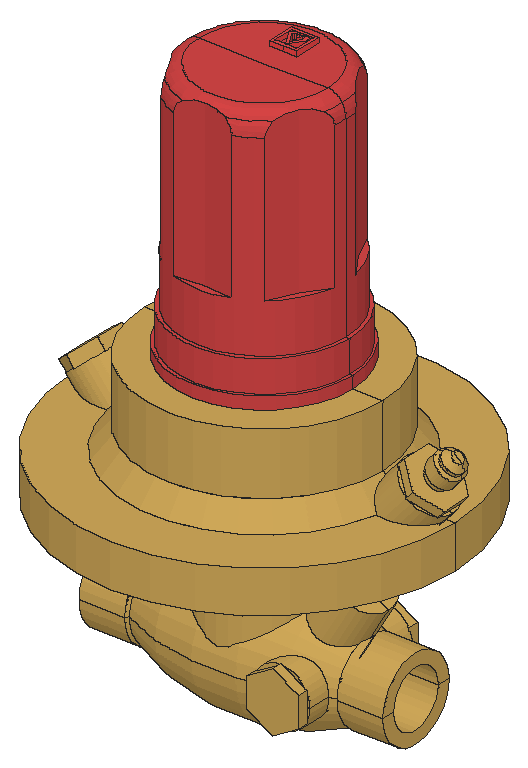
Revit family "Differenzdruckregler 4007_FIX_WE", category Rohrzubehör, Revit 2018
Family settings
  Bemaßung runder Anschluss = Durchmesser verwenden
  Teiletyp = Unterbricht
  OmniClass-Nummer = 23.65.55.14.24
  OmniClass-Titel = Mixing Valves for Liquid Services
  Arbeitsebenenbasiert = Nein
  Immer vertikal = Ja
  Beim Laden mit Abzugskörper schneiden = Nein
  Gemeinsam genutzt = Nein
Parameters
  t1 = 24.467 mm
  Min. Betriebstemperatur (reines Wasser) = 2 °C  # constant formula
  Min. Betriebstemperatur (Frostschutz, Messinggehäuse) = -20 °C  # constant formula
  Min. Betriebstemperatur (Frostschutz, Graugussgehäuse) = -10 °C  # constant formula
  Max. zulässige Betriebstemperatur = 95 °C  # constant formula
  Max. Differenzdruck am Gehäuse = 250000.0 Pa  # constant formula
  m4 [instance] = R03 - 11.00 mm  # 16.50 mm
  m3 = 4.00 mm
  m2 [instance] = R03 - 8.50 mm  # 19.00 mm
  m1 = 3.50 mm
  k9 = 17.65 mm
  k8 = 130.00°
  k7 = 9.45 mm
  k6 = 8.678 mm
  k5 = 11.83 mm
  k4 = 142.00°
  k3 = 63.00 mm
  k22 = 3.217 mm
  k21 = 28.72 mm
  k20 = 70.557 mm
  k2 = 49.08 mm
  k19 = 24.467 mm
  k18 = 24.467 mm
  k17 [instance] = 4.002 mm
  k16 = 7.283 mm
  k15 [instance] = size_lookup("4007_FIX_WE", "k15", 10.00 mm, Nennweite)  # 7.28 mm
  k14 = 101.662 mm
  k13 = 14.00 mm
  k12 = 39.276 mm
  k11 = 45.00 mm
  k10 = 20.56 mm
  k1 = 21.00 mm
  h2 [instance] = size_lookup("4007_FIX_WE", "h2", 18.75 mm, Nennweite)  # 18.75 mm
  h1 = 20.595 mm
  a3 = 9.50 mm
  a2 = 21.021 mm
  a1 = 9.50 mm
  Ventilgehäuse 4007 = "entzinkungsbeständiges Messing"  # constant formula
  URL = "www.herz-armaturen.at"
  Sollwertfeder = "nichtrostender Stahl"  # constant formula
  Schrauben [instance] = if(Nennweite = 15.00 mm, "4x M12x50", if(Nennweite = 20.00 mm, "4x M12x55", if(Nennweite = 25.00 mm, "4x M12x55", if(Nennweite = 32.00 mm, "4x M16x60", if(Nennweite = 40.00 mm, "4x M16x60", if(Nennweite = 50.00 mm, "4x M16x60", if(Nennweite = 65.00 mm, "4x M16x60", if(Nennweite = 80.00 mm, "8x M16x65", if(Nennweite = 100.00 mm, "8x M16x65", if(Nennweite = 125.00 mm, "8x M16x70", if(Nennweite = 150.00 mm, "8x M20x70", if(Nennweite = 200.00 mm, "12x M20x75", if(Nennweite = 250.00 mm, "12x M24x85", if(Nennweite = 300.00 mm, "12x M24x85", if(Nennweite = 350.00 mm, "16x M24x90", "16x M27x100")))))))))))))))  # "4x M12x50"
  SW [instance] = size_lookup("4007_FIX_WE", "SW", 13.50 mm, Nennweite)  # 13.50 mm
  SCRNSEQ = "ARM;ARM_TYP=\"DIFR\";2"
  SCRNCODE = "05;03;4"  # constant formula
  Rp [instance] = size_lookup("4007_FIX_WE", "Rp", 9.30 mm, Nennweite)  # 9.316 mm
  R04 [instance] = size_lookup("4007_FIX_WE", "R04", 19.50 mm, Nennweite)  # 19.50 mm
  R03 [instance] = size_lookup("4007_FIX_WE", "R03", 27.50 mm, Nennweite)  # 27.50 mm
  R02 [instance] = size_lookup("4007_FIX_WE", "R02", 12.70 mm, Nennweite)  # 12.70 mm
  R01 [instance] = size_lookup("4007_FIX_WE", "R01", 21.00 mm, Nennweite)  # 21.00 mm
  Nennweite [instance] = 15.00 mm
  Membrane und O-Ringe = "EPDM"  # constant formula
  Medium = "Die Verwendung von Ethylen- und Propylenglykol ist im Mischungsverhältnis 25 - 50 % zulässig.\r\nHeizwasserqualität entsprechend ÖNORM H 5195 bzw. VDI-Richtlinie 2035. Als Korrosionsschutz kann Helamin HS 190H oder Waterdos OXA30 verwendet werden."
  L03 [instance] = size_lookup("4007_FIX_WE", "L03", 35.00 mm, Nennweite)  # 35.00 mm
  L02 [instance] = size_lookup("4007_FIX_WE", "L02", 21.00 mm, Nennweite)  # 21.00 mm
  L01 [instance] = size_lookup("4007_FIX_WE", "L01", 15.00 mm, Nennweite)  # 15.00 mm
  L [instance] = size_lookup("4007_FIX_WE", "L", 100.00 mm, Nennweite)  # 100.00 mm
  Hinweise zum Material = "Im Hanf enthaltenes Ammoniak schädigt Messingventilgehäuse, EPDM Dichtungen werden durch Mineralöle bzw. mineralölhaltige Schmierstoffe aufgequollen und führen somit zum Ausfall der EPDM-Dichtungen. Frost- und Korrosionsschutzmittel auf der Basis von Ethylenglykol sind die entsprechenden Angaben den Unterlagen des Herstellers zu entnehmen."
  Hersteller = "HERZ-Armaturen Ges.m.b.H"  # constant formula
  DN80 [instance] = Nennweite = 80.00 mm  # no
  DN65-80 [instance] = or(Nennweite = 65.00 mm, Nennweite = 80.00 mm)  # no
  DN65 [instance] = Nennweite = 65.00 mm  # no
  DN50 [instance] = Nennweite = 50.00 mm  # no
  DN40 [instance] = Nennweite = 40.00 mm  # no
  DN32-40 [instance] = or(Nennweite = 32.00 mm, Nennweite = 40.00 mm)  # no
  DN32 [instance] = Nennweite = 32.00 mm  # no
  DN25 [instance] = Nennweite = 25.00 mm  # no
  DN20 [instance] = Nennweite = 20.00 mm  # no
  DN15-50 [instance] = or(Nennweite = 15.00 mm, Nennweite = 20.00 mm, Nennweite = 25.00 mm, Nennweite = 32.00 mm, Nennweite = 40.00 mm, Nennweite = 50.00 mm)  # yes
  DN15-20 [instance] = or(Nennweite = 15.00 mm, Nennweite = 20.00 mm)  # yes
  DN15 [instance] = Nennweite = 15.00 mm  # yes
  Max. Betriebsdruck = 1000000.0 Pa  # constant formula
  Bestellnummer [instance] = size_lookup("4007_FIX_WE", "Artnr", 0, Nennweite)  # 1400751
  B1 [instance] = size_lookup("4007_FIX_WE", "b1", 9.50 mm, Nennweite)  # 9.50 mm
  Anwendungsgebiet = "Der Differenzdruckregler ist ein Proportionalregler in Geradsitzausführung und arbeitet ohne Hilfsenergie. Der Differenzdruck- Sollwert ist fix auf 23 kPa eingestellt."
Reference planes
  plane 1 "Mitte (Vorne/hinten)": y = 0
  plane 2: z = 0
  plane 3 "Mitte (Links/rechts)": x = 0
Forms (mm)
  Revolve 1, solid, material "Messing, weicher Gelbton, geschweißt", detail levels fine
    sketch origin (0, 0, 0) x (1, 0, 0) y (0, 1, 0)
      loop
        line (-50, 9.316) -> (50, 9.316) -> (50, 13.5) -> (35, 13.5) -> (34.365, 12.7)
        arc (34.365, 12.7) -> (0, 21) -> (-34.365, 12.7) r 75.292
        line (-34.365, 12.7) -> (-35, 13.5) -> (-50, 13.5) -> (-50, 9.316)
      axis (50, 0) -> (-50, 0)
    angle from 0 to 360
  Revolve 2, solid, material "Messing, weicher Gelbton, geschweißt", detail levels fine
    sketch origin (0, 0, 0) x (1, 0, 0) y (0, 0, 1)
      loop
        line (-19.5, 35) -> (-19.5, 0) -> (0, 0) -> (0, 35) -> (-19.5, 35)
      axis (0, 35) -> (0, 0)
    angle from 0 to 360
  Revolve 3, solid, material "Messing, weicher Gelbton, geschweißt", detail levels fine
    sketch origin (0, 0, 1.88) x (1, 0, 0) y (0, 0, 1)
      loop
        line (0, 33.116) -> (0, 134.779) -> (-21, 134.779) -> (-21, 82.196) -> (-39.276, 82.196) -> (-39.276, 61.639) -> (-45.35, 54.4) -> (-63, 54.4) -> (-63, 40.4) -> (-54.322, 40.4) -> (-45, 33.116) -> (0, 33.116)
      axis (0, 134.779) -> (0, 33.116)
    angle from 0 to 360
  Revolve 4, solid, material "Messing, weicher Gelbton, geschweißt", visible <- "DN15", detail levels fine
    sketch origin (0, 0, 0) x (1, 0, 0) y (0, 0, 1)
      loop
        line (-22.014, 8.727) -> (-13.787, 13.477) -> (-24.773, 32.507) -> (-33, 27.757) -> (-22.014, 8.727)
      axis (-33, 27.757) -> (-22.014, 8.727)
    angle from 0 to 360
  Revolve 5, solid, material "Messing, weicher Gelbton, geschweißt", visible <- "DN15", detail levels fine
    sketch origin (0, 0, 0) x (-1, 0, 0) y (0, 0, 1)
      loop
        line (-22.014, 8.727) -> (-13.787, 13.477) -> (-24.773, 32.507) -> (-33, 27.757) -> (-22.014, 8.727)
      axis (-33, 27.757) -> (-22.014, 8.727)
    angle from 0 to 360
  Revolve 6, solid, material "Messing, weicher Gelbton, geschweißt", visible <- "DN20", detail levels fine
    sketch origin (-0.6, 0, 0.94) x (1, 0, 0) y (0, 0, 1)
      loop
        line (-22.014, 8.727) -> (-13.787, 13.477) -> (-24.773, 32.507) -> (-33, 27.757) -> (-22.014, 8.727)
      axis (-33, 27.757) -> (-22.014, 8.727)
    angle from 0 to 360
  Revolve 7, solid, material "Messing, weicher Gelbton, geschweißt", visible <- "DN20", detail levels fine
    sketch origin (0.6, 0, 0.94) x (-1, 0, 0) y (0, 0, 1)
      loop
        line (-22.014, 8.727) -> (-13.787, 13.477) -> (-24.773, 32.507) -> (-33, 27.757) -> (-22.014, 8.727)
      axis (-33, 27.757) -> (-22.014, 8.727)
    angle from 0 to 360
  Revolve 8, solid, material "Messing, weicher Gelbton, geschweißt", visible <- "DN25", detail levels fine
    sketch origin (-4.851, 0, 5.003) x (1, 0, 0) y (0, 0, 1)
      loop
        line (-22.014, 8.727) -> (-13.787, 13.477) -> (-24.773, 32.507) -> (-33, 27.757) -> (-22.014, 8.727)
      axis (-33, 27.757) -> (-22.014, 8.727)
    angle from 0 to 360
  Revolve 9, solid, material "Messing, weicher Gelbton, geschweißt", visible <- "DN25", detail levels fine
    sketch origin (4.851, 0, 5.003) x (-1, 0, 0) y (0, 0, 1)
      loop
        line (-22.014, 8.727) -> (-13.787, 13.477) -> (-24.773, 32.507) -> (-33, 27.757) -> (-22.014, 8.727)
      axis (-33, 27.757) -> (-22.014, 8.727)
    angle from 0 to 360
  Revolve 10, solid, material "Messing, weicher Gelbton, geschweißt", visible <- "DN32", detail levels fine
    sketch origin (-12.5, 0, 10.252) x (1, 0, 0) y (0, 0, 1)
      loop
        line (-22.014, 8.727) -> (-13.787, 13.477) -> (-24.773, 32.507) -> (-33, 27.757) -> (-22.014, 8.727)
      axis (-33, 27.757) -> (-22.014, 8.727)
    angle from 0 to 360
  Revolve 11, solid, material "Messing, weicher Gelbton, geschweißt", visible <- "DN32", detail levels fine
    sketch origin (12.5, 0, 10.252) x (-1, 0, 0) y (0, 0, 1)
      loop
        line (-22.014, 8.727) -> (-13.787, 13.477) -> (-24.773, 32.507) -> (-33, 27.757) -> (-22.014, 8.727)
      axis (-33, 27.757) -> (-22.014, 8.727)
    angle from 0 to 360
  Revolve 12, solid, material "Messing, weicher Gelbton, geschweißt", visible <- "DN40", detail levels fine
    sketch origin (-18.5, 0, 13.444) x (1, 0, 0) y (0, 0, 1)
      loop
        line (-22.014, 8.727) -> (-13.787, 13.477) -> (-24.773, 32.507) -> (-33, 27.757) -> (-22.014, 8.727)
      axis (-33, 27.757) -> (-22.014, 8.727)
    angle from 0 to 360
  Revolve 13, solid, material "Messing, weicher Gelbton, geschweißt", visible <- "DN40", detail levels fine
    sketch origin (18.5, 0, 13.444) x (-1, 0, 0) y (0, 0, 1)
      loop
        line (-22.014, 8.727) -> (-13.787, 13.477) -> (-24.773, 32.507) -> (-33, 27.757) -> (-22.014, 8.727)
      axis (-33, 27.757) -> (-22.014, 8.727)
    angle from 0 to 360
  Revolve 14, solid, material "Messing, weicher Gelbton, geschweißt", visible <- "DN50", detail levels fine
    sketch origin (-23.5, 0, 19.174) x (1, 0, 0) y (0, 0, 1)
      loop
        line (-22.014, 8.727) -> (-13.787, 13.477) -> (-24.773, 32.507) -> (-33, 27.757) -> (-22.014, 8.727)
      axis (-33, 27.757) -> (-22.014, 8.727)
    angle from 0 to 360
  Revolve 15, solid, material "Messing, weicher Gelbton, geschweißt", visible <- "DN50", detail levels fine
    sketch origin (23.5, 0, 19.174) x (-1, 0, 0) y (0, 0, 1)
      loop
        line (-22.014, 8.727) -> (-13.787, 13.477) -> (-24.773, 32.507) -> (-33, 27.757) -> (-22.014, 8.727)
      axis (-33, 27.757) -> (-22.014, 8.727)
    angle from 0 to 360
  Revolve 16, solid, material "Messing, weicher Gelbton, geschweißt", detail levels fine
    sketch origin (0, 0, 0) x (1, 0, 0) y (0, 1, 0)
      loop
        line (32, 0) -> (32, 21) -> (22.5, 21) -> (22.5, 0) -> (32, 0)
      axis (22.5, 21) -> (22.5, 0)
    angle from 0 to 360
  Revolve 17, solid, material "Messing, weicher Gelbton, geschweißt", detail levels fine
    sketch origin (0, 0, 0) x (1, 0, 0) y (0, -1, 0)
      loop
        line (32, 0) -> (32, 21) -> (22.5, 21) -> (22.5, 0) -> (32, 0)
      axis (22.5, 21) -> (22.5, 0)
    angle from 0 to 360
  Extrusion 18, solid, material "Messing, weicher Gelbton, geschweißt", visible <- "DN15-50", detail levels fine
    sketch origin (0, 0, 0) x (1, 0, 0) y (0, 0, -1)
      loop
        line (31, -4.907) -> (31, 4.907) -> (22.5, 9.815) -> (14, 4.907) -> (14, -4.907) -> (22.5, -9.815) -> (31, -4.907)
    from 21 to 24.5
  Extrusion 19, solid, material "Messing, weicher Gelbton, geschweißt", visible <- "DN15-50", detail levels fine
    sketch origin (0, 0, 0) x (1, 0, 0) y (0, 0, 1)
      loop
        line (31, 4.907) -> (22.5, 9.815) -> (14, 4.907) -> (14, -4.907) -> (22.5, -9.815) -> (31, -4.907) -> (31, 4.907)
    from 21 to 24.5
  Revolve 20, solid, material "Messing, weicher Gelbton, geschweißt", detail levels fine
    sketch origin (0, 0, 0) x (1, 0, 0) y (0, 0, 1)
      loop
        line (-54.637, 64.894) -> (-41.125, 48.791) -> (-33.848, 54.897) -> (-47.36, 71) -> (-54.637, 64.894)
      axis (-54.637, 64.894) -> (-41.125, 48.791)
    angle from 0 to 360
  Revolve 21, solid, material "Messing, weicher Gelbton, geschweißt", detail levels fine
    sketch origin (0, 0, 0) x (-1, 0, 0) y (0, 0, 1)
      loop
        line (-54.637, 64.894) -> (-41.125, 48.791) -> (-33.848, 54.897) -> (-47.36, 71) -> (-54.637, 64.894)
      axis (-54.637, 64.894) -> (-41.125, 48.791)
    angle from 0 to 360
  Extrusion 22, solid, material "Messing, weicher Gelbton, geschweißt", visible <- "DN15-20", detail levels fine
    sketch origin (-123.581, 0, 7.046) x (0.766044, 0, 0.642788) y (0, 1, 0)
      loop
        line (98.5, 4.907) -> (90, 9.815) -> (81.5, 4.907) -> (81.5, -4.907) -> (90, -9.815) -> (98.5, -4.907) -> (98.5, 4.907)
    from 0 to 4
  Extrusion 23, solid, material "Messing, weicher Gelbton, geschweißt", visible <- "DN15-20", detail levels fine
    sketch origin (-14.307, 0, 122.748) x (0.766044, 0, -0.642788) y (0, 1, 0)
      loop
        line (98.5, 4.907) -> (90, 9.815) -> (81.5, 4.907) -> (81.5, -4.907) -> (90, -9.815) -> (98.5, -4.907) -> (98.5, 4.907)
    from 0 to 3.4
  Revolve 24, solid, material "Messing, weicher Gelbton, geschweißt", visible <- "DN15-20", detail levels fine
    sketch origin (0, 0, 0) x (1, 0, 0) y (0, 0, 1)
      loop
        line (56.822, 67.502) -> (59.81, 64.995) -> (61.417, 66.91) -> (62.155, 66.29) -> (65.109, 69.81) -> (64.941, 71.133) -> (65.648, 71.975) -> (65.414, 74.652) -> (63.893, 75.928) -> (56.822, 67.502)
      axis (63.893, 75.928) -> (56.822, 67.502)
    angle from 0 to 360
  Extrusion 25, solid, material "Messing, weicher Gelbton, geschweißt", visible <- "DN25", detail levels fine
    sketch origin (-123.581, 0, 17.046) x (0.766044, 0, 0.642788) y (0, 1, 0)
      loop
        line (98.5, 4.907) -> (90, 9.815) -> (81.5, 4.907) -> (81.5, -4.907) -> (90, -9.815) -> (98.5, -4.907) -> (98.5, 4.907)
    from 0 to 4
  Extrusion 26, solid, material "Messing, weicher Gelbton, geschweißt", visible <- "DN25", detail levels fine
    sketch origin (-14.307, 0, 132.748) x (0.766044, 0, -0.642788) y (0, 1, 0)
      loop
        line (98.5, 4.907) -> (90, 9.815) -> (81.5, 4.907) -> (81.5, -4.907) -> (90, -9.815) -> (98.5, -4.907) -> (98.5, 4.907)
    from 0 to 3.4
  Revolve 27, solid, material "Messing, weicher Gelbton, geschweißt", visible <- "DN25", detail levels fine
    sketch origin (0, 0, 10) x (1, 0, 0) y (0, 0, 1)
      loop
        line (56.822, 67.502) -> (59.81, 64.995) -> (61.417, 66.91) -> (62.155, 66.29) -> (65.109, 69.81) -> (64.941, 71.133) -> (65.648, 71.975) -> (65.414, 74.652) -> (63.893, 75.928) -> (56.822, 67.502)
      axis (63.893, 75.928) -> (56.822, 67.502)
    angle from 0 to 360
  Extrusion 28, solid, material "Messing, weicher Gelbton, geschweißt", visible <- "DN32-40", detail levels fine
    sketch origin (-123.581, 0, 22.046) x (0.766044, 0, 0.642788) y (0, 1, 0)
      loop
        line (98.5, 4.907) -> (90, 9.815) -> (81.5, 4.907) -> (81.5, -4.907) -> (90, -9.815) -> (98.5, -4.907) -> (98.5, 4.907)
    from 0 to 4
  Extrusion 29, solid, material "Messing, weicher Gelbton, geschweißt", visible <- "DN32-40", detail levels fine
    sketch origin (-14.307, 0, 137.748) x (0.766044, 0, -0.642788) y (0, 1, 0)
      loop
        line (98.5, 4.907) -> (90, 9.815) -> (81.5, 4.907) -> (81.5, -4.907) -> (90, -9.815) -> (98.5, -4.907) -> (98.5, 4.907)
    from 0 to 3.4
  Revolve 30, solid, material "Messing, weicher Gelbton, geschweißt", visible <- "DN32-40", detail levels fine
    sketch origin (0, 0, 15) x (1, 0, 0) y (0, 0, 1)
      loop
        line (56.822, 67.502) -> (59.81, 64.995) -> (61.417, 66.91) -> (62.155, 66.29) -> (65.109, 69.81) -> (64.941, 71.133) -> (65.648, 71.975) -> (65.414, 74.652) -> (63.893, 75.928) -> (56.822, 67.502)
      axis (63.893, 75.928) -> (56.822, 67.502)
    angle from 0 to 360
  Extrusion 31, solid, material "Messing, weicher Gelbton, geschweißt", visible <- "DN50", detail levels fine
    sketch origin (-123.581, 0, 32.546) x (0.766044, 0, 0.642788) y (0, 1, 0)
      loop
        line (98.5, 4.907) -> (90, 9.815) -> (81.5, 4.907) -> (81.5, -4.907) -> (90, -9.815) -> (98.5, -4.907) -> (98.5, 4.907)
    from 0 to 4
  Extrusion 32, solid, material "Messing, weicher Gelbton, geschweißt", visible <- "DN50", detail levels fine
    sketch origin (-14.307, 0, 148.248) x (0.766044, 0, -0.642788) y (0, 1, 0)
      loop
        line (98.5, 4.907) -> (90, 9.815) -> (81.5, 4.907) -> (81.5, -4.907) -> (90, -9.815) -> (98.5, -4.907) -> (98.5, 4.907)
    from 0 to 3.4
  Revolve 33, solid, material "Messing, weicher Gelbton, geschweißt", visible <- "DN50", detail levels fine
    sketch origin (0, 0, 25.5) x (1, 0, 0) y (0, 0, 1)
      loop
        line (56.822, 67.502) -> (59.81, 64.995) -> (61.417, 66.91) -> (62.155, 66.29) -> (65.109, 69.81) -> (64.941, 71.133) -> (65.648, 71.975) -> (65.414, 74.652) -> (63.893, 75.928) -> (56.822, 67.502)
      axis (63.893, 75.928) -> (56.822, 67.502)
    angle from 0 to 360
  Extrusion 34, solid, material "Messing, weicher Gelbton, geschweißt", visible <- "DN65-80", detail levels fine
    sketch origin (31.509, 0, 0) x (1, 0, 0) y (0, 0, -1)
      loop
        line (1.991, -6.351) -> (1.991, 6.351) -> (-9.009, 12.702) -> (-20.009, 6.351) -> (-20.009, -6.351) -> (-9.009, -12.702) -> (1.991, -6.351)
    from 21 to 25
  Extrusion 35, solid, material "Messing, weicher Gelbton, geschweißt", visible <- "DN65-80", detail levels fine
    sketch origin (31.509, 0, 0) x (1, 0, 0) y (0, 0, 1)
      loop
        line (1.991, 6.351) -> (-9.009, 12.702) -> (-20.009, 6.351) -> (-20.009, -6.351) -> (-9.009, -12.702) -> (1.991, -6.351) -> (1.991, 6.351)
    from 21 to 25
  Revolve 36, solid, material "Messing, weicher Gelbton, geschweißt", visible <- "DN65", detail levels fine
    sketch origin (-32, 0, 28.317) x (1, 0, 0) y (0, 0, 1)
      loop
        line (-22.014, 8.727) -> (-13.787, 13.477) -> (-24.773, 32.507) -> (-33, 27.757) -> (-22.014, 8.727)
      axis (-33, 27.757) -> (-22.014, 8.727)
    angle from 0 to 360
  Revolve 37, solid, material "Messing, weicher Gelbton, geschweißt", visible <- "DN65", detail levels fine
    sketch origin (32, 0, 28.317) x (-1, 0, 0) y (0, 0, 1)
      loop
        line (-22.014, 8.727) -> (-13.787, 13.477) -> (-24.773, 32.507) -> (-33, 27.757) -> (-22.014, 8.727)
      axis (-33, 27.757) -> (-22.014, 8.727)
    angle from 0 to 360
  Revolve 38, solid, material "Messing, weicher Gelbton, geschweißt", visible <- "DN80", detail levels fine
    sketch origin (-41, 0, 35.243) x (1, 0, 0) y (0, 0, 1)
      loop
        line (-22.014, 8.727) -> (-13.787, 13.477) -> (-24.773, 32.507) -> (-33, 27.757) -> (-22.014, 8.727)
      axis (-33, 27.757) -> (-22.014, 8.727)
    angle from 0 to 360
  Revolve 39, solid, material "Messing, weicher Gelbton, geschweißt", visible <- "DN80", detail levels fine
    sketch origin (41, 0, 35.243) x (-1, 0, 0) y (0, 0, 1)
      loop
        line (-22.014, 8.727) -> (-13.787, 13.477) -> (-24.773, 32.507) -> (-33, 27.757) -> (-22.014, 8.727)
      axis (-33, 27.757) -> (-22.014, 8.727)
    angle from 0 to 360
  Revolve 40, solid, material "Messing, weicher Gelbton, geschweißt", detail levels fine
    sketch origin (0, 0, 1.7) x (1, 0, 0) y (0, 0, 1)
      loop
        line (0, 36.517) -> (-42, 36.517) -> (-42, 33.3) -> (0, 33.3) -> (0, 36.517)
      axis (0, 36.517) -> (0, 33.3)
    angle from 0 to 360
  Extrusion 41, solid, material "Messing, weicher Gelbton, geschweißt", visible <- "DN65", detail levels fine
    sketch origin (-123.581, 0, 40.263) x (0.766044, 0, 0.642788) y (0, 1, 0)
      loop
        line (98.5, 4.907) -> (90, 9.815) -> (81.5, 4.907) -> (81.5, -4.907) -> (90, -9.815) -> (98.5, -4.907) -> (98.5, 4.907)
    from 0 to 4
  Extrusion 42, solid, material "Messing, weicher Gelbton, geschweißt", visible <- "DN65", detail levels fine
    sketch origin (123.581, 0, 40.263) x (-0.766044, 0, 0.642788) y (0, -1, 0)
      loop
        line (98.5, -4.907) -> (98.5, 4.907) -> (90, 9.815) -> (81.5, 4.907) -> (81.5, -4.907) -> (90, -9.815) -> (98.5, -4.907)
    from 0 to 4
  Revolve 43, solid, material "Messing, weicher Gelbton, geschweißt", visible <- "DN65", detail levels fine
    sketch origin (0.386, 0, 33.676) x (1, 0, 0) y (0, 0, 1)
      loop
        line (56.822, 67.502) -> (59.81, 64.995) -> (61.417, 66.91) -> (62.155, 66.29) -> (65.109, 69.81) -> (64.941, 71.133) -> (65.648, 71.975) -> (65.414, 74.652) -> (63.893, 75.928) -> (56.822, 67.502)
      axis (63.893, 75.928) -> (56.822, 67.502)
    angle from 0 to 360
  Extrusion 44, solid, material "Messing, weicher Gelbton, geschweißt", visible <- "DN80", detail levels fine
    sketch origin (-123.581, 0, 41.963) x (0.766044, 0, 0.642788) y (0, 1, 0)
      loop
        line (98.5, 4.907) -> (90, 9.815) -> (81.5, 4.907) -> (81.5, -4.907) -> (90, -9.815) -> (98.5, -4.907) -> (98.5, 4.907)
    from 0 to 4
  Extrusion 45, solid, material "Messing, weicher Gelbton, geschweißt", visible <- "DN80", detail levels fine
    sketch origin (123.581, 0, 41.963) x (-0.766044, 0, 0.642788) y (0, -1, 0)
      loop
        line (98.5, -4.907) -> (98.5, 4.907) -> (90, 9.815) -> (81.5, 4.907) -> (81.5, -4.907) -> (90, -9.815) -> (98.5, -4.907)
    from 0 to 4
  Revolve 46, solid, material "Messing, weicher Gelbton, geschweißt", visible <- "DN80", detail levels fine
    sketch origin (0.386, 0, 35.376) x (1, 0, 0) y (0, 0, 1)
      loop
        line (56.822, 67.502) -> (59.81, 64.995) -> (61.417, 66.91) -> (62.155, 66.29) -> (65.109, 69.81) -> (64.941, 71.133) -> (65.648, 71.975) -> (65.414, 74.652) -> (63.893, 75.928) -> (56.822, 67.502)
      axis (63.893, 75.928) -> (56.822, 67.502)
    angle from 0 to 360
  Extrusion 47, solid, material "Messing, weicher Gelbton, geschweißt", visible <- "DN65", detail levels fine
    sketch origin (0, 0, 0) x (0, 1, 0) y (0, 0, -1)
      loop
        circle (0, 0.217) r 46
      loop
        circle (0, 0.217) r 42.499
    from 90 to 95
  Extrusion 48, solid, material "Messing, weicher Gelbton, geschweißt", visible <- "DN80", detail levels fine
    sketch origin (0, 0, 0) x (0, 1, 0) y (0, 0, 1)
      loop
        circle (0, -0.217) r 54
      loop
        circle (0, -0.217) r 50
    from -105 to -100
  Extrusion 49, solid, material "Messing, weicher Gelbton, geschweißt", visible <- "DN80", detail levels fine
    sketch origin (0, 0, 0) x (0, 1, 0) y (0, 0, -1)
      loop
        circle (0, 0.217) r 54
      loop
        circle (0, 0.217) r 50
    from -105 to -100
  Extrusion 50, solid, material "Messing, weicher Gelbton, geschweißt", visible <- "DN65", detail levels fine
    sketch origin (0, 0, 0) x (0, 1, 0) y (0, 0, 1)
      loop
        circle (0, -0.217) r 46
      loop
        circle (0, -0.217) r 42.499
    from 90 to 95
Lines and regions (mm)
  model lines, detail levels coarse+medium
    curve 1: spline (-63, 0, 49.28) -> (-60.853, 0, 51.092) -> (-54.56, 0, 52.78) -> (-44.548, 0, 54.23) -> (-31.5, 0, 55.342) -> (-16.306, 0, 56.041) -> (0, 0, 56.28) -> (16.306, 0, 56.041) -> (31.5, 0, 55.342) -> (44.548, 0, 54.23) -> (54.56, 0, 52.78) -> (60.853, 0, 51.092) -> (63, 0, 49.28) -> (60.853, 0, 47.468) -> (54.56, 0, 45.78) -> (44.548, 0, 44.33) -> (31.5, 0, 43.218) -> (16.306, 0, 42.519) -> (0, 0, 42.28) -> (-16.306, 0, 42.519) -> (-31.5, 0, 43.218) -> (-44.548, 0, 44.33) -> (-54.56, 0, 45.78) -> (-60.853, 0, 47.468) -> (-63, 0, 49.28)
    curve 2: line (50, 0, 13.5) -> (50, 0, -13.5)
    curve 3: line (50, 0, -13.5) -> (-50, 0, 13.5)
    curve 4: line (-50, 0, 13.5) -> (-50, 0, -13.5)
    curve 5: line (-50, 0, -13.5) -> (50, 0, 13.5)
    curve 6: line (25, 0, 6.75) -> (0, 0, 35)
    curve 7: line (-25, 0, 6.75) -> (0, 0, 35)
    curve 8: line (0, 0, 35) -> (0, 0, 42.28)
    curve 9: spline (-63, -49.28, 0) -> (-60.853, -47.468, 0) -> (-54.56, -45.78, 0) -> (-44.548, -44.33, 0) -> (-31.5, -43.218, 0) -> (-16.306, -42.519, 0) -> (0, -42.28, 0) -> (16.306, -42.519, 0) -> (31.5, -43.218, 0) -> (44.548, -44.33, 0) -> (54.56, -45.78, 0) -> (60.853, -47.468, 0) -> (63, -49.28, 0) -> (60.853, -51.092, 0) -> (54.56, -52.78, 0) -> (44.548, -54.23, 0) -> (31.5, -55.342, 0) -> (16.306, -56.041, 0) -> (0, -56.28, 0) -> (-16.306, -56.041, 0) -> (-31.5, -55.342, 0) -> (-44.548, -54.23, 0) -> (-54.56, -52.78, 0) -> (-60.853, -51.092, 0) -> (-63, -49.28, 0)
    curve 10: line (-50, 13.5, 0) -> (50, -13.5, 0)
    curve 11: line (50, -13.5, 0) -> (50, 13.5, 0)
    curve 12: line (50, 13.5, 0) -> (-50, -13.5, 0)
    curve 13: line (-50, -13.5, 0) -> (-50, 13.5, 0)
    curve 14: line (0, -35, 0) -> (0, -42.28, 0)
    curve 15: line (-16.667, -4.5, 0) -> (0, -35, 0)
    curve 16: line (16.667, -4.5, 0) -> (0, -35, 0)
Dimensions and locks
  "L": Revolve 1 sketch curve to Revolve 1 sketch curve
  equal spacing: Revolve 1 sketch curve, plane 3 "Mitte (Links/rechts)", Revolve 1 sketch curve  (x2)
  "Rp": plane 1 "Mitte (Vorne/hinten)" to Revolve 1 sketch curve
  "SW": plane 1 "Mitte (Vorne/hinten)" to Revolve 1 sketch curve
  "SW": Revolve 1 sketch curve to plane 1 "Mitte (Vorne/hinten)"
  "R02": plane 1 "Mitte (Vorne/hinten)" to Revolve 1 sketch curve  (x2)
  "R01": plane 1 "Mitte (Vorne/hinten)" to Revolve 1 sketch curve
  "L01": Revolve 1 sketch curve to Revolve 1 sketch curve  (x2)
  "L02": plane 1 "Mitte (Vorne/hinten)" to Revolve 16 sketch curve
  "R03": Revolve 16 sketch curve to Revolve 1
  "B1": Revolve 16 sketch curve to Revolve 16 sketch curve
  "B1": Revolve 17 sketch curve to Revolve 17 sketch curve
  "R03": Revolve 17 sketch curve to Revolve 1
  "L02": Revolve 17 sketch curve to plane 1 "Mitte (Vorne/hinten)"
  "L02": plane 1 "Mitte (Vorne/hinten)" to Extrusion 18
  "m2": Extrusion 18 to Revolve 1
  "m1": Extrusion 18 to Extrusion 18
  "L02": plane 1 "Mitte (Vorne/hinten)" to Extrusion 19
  "m2": Extrusion 19 to Revolve 1
  "m1": Extrusion 19 to Extrusion 19
  "R04": Revolve 2 sketch curve to plane 3 "Mitte (Links/rechts)"
  "L03": Revolve 2 sketch curve to plane 2
  "k1": Revolve 3 sketch curve to Revolve 3 sketch curve
  "k3": Revolve 3 sketch curve to Revolve 3 sketch curve
  "k5": Revolve 3 sketch curve to Revolve 3 sketch curve
  "k6": Revolve 3 sketch curve to Revolve 3 sketch curve
  "k7": Revolve 3 sketch curve to Revolve 3 sketch curve
  "k9": Revolve 3 sketch curve to Revolve 3 sketch curve
  "k11": Revolve 3 sketch curve to Revolve 3 sketch curve
  "k12": Revolve 3 sketch curve to Revolve 3 sketch curve
  "k13": Revolve 3 sketch curve to Revolve 3 sketch curve
  "k14": Revolve 3 sketch curve to Revolve 3 sketch curve
  "a1": Revolve 20 sketch curve to Revolve 20 sketch curve
  "a2": Revolve 20 sketch curve to Revolve 20 sketch curve
  "a2": Revolve 21 sketch curve to Revolve 21 sketch curve
  "a1": Revolve 21 sketch curve to Revolve 21 sketch curve
  "a3": Revolve 20 sketch curve to Revolve 20 sketch curve
  "a3": Revolve 21 sketch curve to Revolve 21 sketch curve
  "k15": Revolve 3 to Revolve 2
  "k16": Revolve 3 sketch curve to Revolve 3 sketch curve
  "k17": nested 1 to Revolve 3
  "k21": Revolve 20 sketch curve to Revolve 3
  "k21": Revolve 21 sketch curve to Revolve 3
  "h1": Revolve 3 to nested 2
  "h2": plane 1 "Mitte (Vorne/hinten)" to nested 2
  "m3": Extrusion 34 to Extrusion 34
  "m3": Extrusion 34 to Revolve 16
  "m4": Extrusion 34 to Revolve 1
  "m3": Extrusion 35 to Extrusion 35
  "m4": Extrusion 35 to Revolve 1
  "m3": Extrusion 35 to Revolve 17
  nested 1 to level = 170.005 mm
  "k22": Revolve 40 to Revolve 2
  "k2": Revolve 3 sketch curve to Revolve 3 sketch curve
  equal spacing: curve 4, plane 3 "Mitte (Links/rechts)", curve 2
  "L": curve 4 to curve 2
  "k3": plane 3 "Mitte (Links/rechts)" to curve 1
  "k13": curve 1 to curve 1
  "k15": curve 1 to Revolve 2
  "SW": curve 4 to plane 2
  "SW": plane 2 to curve 5
  "SW": curve 5 to plane 2 to curve 3
  equal spacing: curve 4, curve 7, curve 7, curve 6, curve 2
  "k3": curve 1 to plane 3 "Mitte (Links/rechts)"
  "L03": curve 8 to plane 2
  "k15": curve 8 to curve 8
  "k3": curve 9 to plane 3 "Mitte (Links/rechts)" to curve 9
  "k13": curve 9 to curve 9
  equal spacing: curve 13, curve 15, curve 16, curve 11
  "L": curve 13 to curve 11
  "SW": plane 1 "Mitte (Vorne/hinten)" to curve 13
  "SW": curve 13 to plane 1 "Mitte (Vorne/hinten)"
  "SW": plane 1 "Mitte (Vorne/hinten)" to curve 12
  "SW": curve 11 to plane 1 "Mitte (Vorne/hinten)"
  "k15": curve 16 to curve 14
  equal spacing: curve 13, plane 3 "Mitte (Links/rechts)", curve 11
  "L03": curve 16 to plane 1 "Mitte (Vorne/hinten)"
  "k4": angle Revolve 3 sketch curve to Revolve 3 sketch curve
  "k8": angle Revolve 3 sketch curve to Revolve 3 sketch curve
  aligned and locked: level to plane 2
Automatic sketch dimensions
  Revolve 4 sketch curve to plane 3 "Mitte (Links/rechts)" = 33.00 mm
  Revolve 4 sketch curve to Revolve 4 sketch curve = 8.227 mm
  level to Revolve 4 sketch curve = 8.727 mm  (x2)
  Revolve 4 sketch curve to Revolve 4 sketch curve = 10.987 mm
  Revolve 4 sketch curve to Revolve 4 sketch curve = 4.75 mm
  Revolve 4 sketch curve to Revolve 4 sketch curve = 0.00 mm  (x3)
  Revolve 5 sketch curve to plane 3 "Mitte (Links/rechts)" = 33.00 mm
  Revolve 5 sketch curve to Revolve 5 sketch curve = 8.227 mm
  Revolve 5 sketch curve to level = 8.727 mm  (x2)
  Revolve 5 sketch curve to Revolve 5 sketch curve = 10.987 mm
  Revolve 5 sketch curve to Revolve 5 sketch curve = 4.75 mm
  Revolve 5 sketch curve to Revolve 5 sketch curve = 0.00 mm  (x3)
  Revolve 6 sketch curve to plane 3 "Mitte (Links/rechts)" = 33.60 mm
  Revolve 6 sketch curve to Revolve 6 sketch curve = 8.227 mm
  level to Revolve 6 sketch curve = 9.668 mm  (x2)
  Revolve 6 sketch curve to Revolve 6 sketch curve = 10.987 mm
  Revolve 6 sketch curve to Revolve 6 sketch curve = 4.75 mm
  Revolve 6 sketch curve to Revolve 6 sketch curve = 0.00 mm  (x3)
  Revolve 7 sketch curve to plane 3 "Mitte (Links/rechts)" = 33.60 mm
  Revolve 7 sketch curve to Revolve 7 sketch curve = 8.227 mm
  Revolve 7 sketch curve to level = 9.668 mm  (x2)
  Revolve 7 sketch curve to Revolve 7 sketch curve = 10.987 mm
  Revolve 7 sketch curve to Revolve 7 sketch curve = 4.75 mm
  Revolve 7 sketch curve to Revolve 7 sketch curve = 0.00 mm  (x3)
  Revolve 8 sketch curve to plane 3 "Mitte (Links/rechts)" = 37.851 mm
  Revolve 8 sketch curve to Revolve 8 sketch curve = 8.227 mm
  level to Revolve 8 sketch curve = 13.731 mm
  Revolve 8 sketch curve to Revolve 8 sketch curve = 10.987 mm
  Revolve 8 sketch curve to Revolve 8 sketch curve = 4.75 mm
  Revolve 8 sketch curve to Revolve 8 sketch curve = 0.00 mm  (x4)
  Revolve 9 sketch curve to plane 3 "Mitte (Links/rechts)" = 37.851 mm
  Revolve 9 sketch curve to Revolve 9 sketch curve = 8.227 mm
  Revolve 9 sketch curve to level = 13.731 mm
  Revolve 9 sketch curve to Revolve 9 sketch curve = 10.987 mm
  Revolve 9 sketch curve to Revolve 9 sketch curve = 4.75 mm
  Revolve 9 sketch curve to Revolve 9 sketch curve = 0.00 mm  (x4)
  Revolve 10 sketch curve to plane 3 "Mitte (Links/rechts)" = 45.50 mm
  Revolve 10 sketch curve to Revolve 10 sketch curve = 8.227 mm
  Revolve 10 sketch curve to Revolve 10 sketch curve = 10.987 mm
  level to Revolve 10 sketch curve = 18.979 mm
  Revolve 10 sketch curve to Revolve 10 sketch curve = 4.75 mm
  Revolve 10 sketch curve to Revolve 10 sketch curve = 0.00 mm  (x4)
  Revolve 11 sketch curve to plane 3 "Mitte (Links/rechts)" = 45.50 mm
  Revolve 11 sketch curve to Revolve 11 sketch curve = 8.227 mm
  Revolve 11 sketch curve to Revolve 11 sketch curve = 10.987 mm
  Revolve 11 sketch curve to level = 18.979 mm
  Revolve 11 sketch curve to Revolve 11 sketch curve = 4.75 mm
  Revolve 11 sketch curve to Revolve 11 sketch curve = 0.00 mm  (x4)
  Revolve 12 sketch curve to plane 3 "Mitte (Links/rechts)" = 51.50 mm
  Revolve 12 sketch curve to Revolve 12 sketch curve = 8.227 mm
  Revolve 12 sketch curve to Revolve 12 sketch curve = 10.987 mm
  level to Revolve 12 sketch curve = 22.171 mm
  Revolve 12 sketch curve to Revolve 12 sketch curve = 4.75 mm
  Revolve 12 sketch curve to Revolve 12 sketch curve = 0.00 mm  (x4)
  Revolve 13 sketch curve to plane 3 "Mitte (Links/rechts)" = 51.50 mm
  Revolve 13 sketch curve to Revolve 13 sketch curve = 8.227 mm
  Revolve 13 sketch curve to Revolve 13 sketch curve = 10.987 mm
  Revolve 13 sketch curve to level = 22.171 mm
  Revolve 13 sketch curve to Revolve 13 sketch curve = 4.75 mm
  Revolve 13 sketch curve to Revolve 13 sketch curve = 0.00 mm  (x4)
  Revolve 14 sketch curve to plane 3 "Mitte (Links/rechts)" = 56.50 mm
  Revolve 14 sketch curve to Revolve 14 sketch curve = 8.227 mm
  Revolve 14 sketch curve to Revolve 14 sketch curve = 10.987 mm
  level to Revolve 14 sketch curve = 27.902 mm
  Revolve 14 sketch curve to Revolve 14 sketch curve = 4.75 mm
  Revolve 14 sketch curve to Revolve 14 sketch curve = 0.00 mm  (x4)
  Revolve 15 sketch curve to plane 3 "Mitte (Links/rechts)" = 56.50 mm
  Revolve 15 sketch curve to Revolve 15 sketch curve = 8.227 mm
  Revolve 15 sketch curve to Revolve 15 sketch curve = 10.987 mm
  Revolve 15 sketch curve to level = 27.902 mm
  Revolve 15 sketch curve to Revolve 15 sketch curve = 4.75 mm
  Revolve 15 sketch curve to Revolve 15 sketch curve = 0.00 mm  (x4)
  Extrusion 18 sketch curve to level = 4.907 mm  (x2)
  plane 3 "Mitte (Links/rechts)" to Extrusion 18 sketch curve = 14.00 mm
  level to Extrusion 18 sketch curve = 9.815 mm
  Extrusion 18 sketch curve to Extrusion 18 sketch curve = 8.50 mm  (x3)
  Extrusion 18 sketch curve to level = 9.815 mm
  level to Extrusion 18 sketch curve = 4.907 mm  (x2)
  Extrusion 19 sketch curve to level = 4.907 mm  (x2)
  plane 3 "Mitte (Links/rechts)" to Extrusion 19 sketch curve = 14.00 mm
  level to Extrusion 19 sketch curve = 9.815 mm
  Extrusion 19 sketch curve to Extrusion 19 sketch curve = 8.50 mm  (x3)
  Extrusion 19 sketch curve to level = 9.815 mm
  level to Extrusion 19 sketch curve = 4.907 mm  (x2)
  plane 3 "Mitte (Links/rechts)" to Revolve 24 sketch curve = 56.822 mm
  Revolve 24 sketch curve to Revolve 24 sketch curve = 2.988 mm
  Revolve 24 sketch curve to Revolve 24 sketch curve = 1.607 mm
  Revolve 24 sketch curve to Revolve 24 sketch curve = 0.738 mm
  Revolve 24 sketch curve to Revolve 24 sketch curve = 2.476 mm
  Revolve 24 sketch curve to Revolve 24 sketch curve = 1.048 mm
  Revolve 24 sketch curve to Revolve 24 sketch curve = 0.168 mm
  Revolve 24 sketch curve to Revolve 24 sketch curve = 1.521 mm
  Revolve 24 sketch curve to Revolve 24 sketch curve = 0.707 mm
  level to Revolve 24 sketch curve = 64.995 mm
  Revolve 24 sketch curve to Revolve 24 sketch curve = 1.295 mm
  Revolve 24 sketch curve to Revolve 24 sketch curve = 1.322 mm
  Revolve 24 sketch curve to Revolve 24 sketch curve = 0.843 mm
  Revolve 24 sketch curve to Revolve 24 sketch curve = 0.00 mm  (x4)
  plane 3 "Mitte (Links/rechts)" to Revolve 27 sketch curve = 56.822 mm
  Revolve 27 sketch curve to Revolve 27 sketch curve = 2.988 mm
  Revolve 27 sketch curve to Revolve 27 sketch curve = 1.607 mm
  Revolve 27 sketch curve to Revolve 27 sketch curve = 0.738 mm
  Revolve 27 sketch curve to Revolve 27 sketch curve = 2.476 mm
  Revolve 27 sketch curve to Revolve 27 sketch curve = 1.048 mm
  Revolve 27 sketch curve to Revolve 27 sketch curve = 0.168 mm
  Revolve 27 sketch curve to Revolve 27 sketch curve = 1.521 mm
  Revolve 27 sketch curve to Revolve 27 sketch curve = 0.707 mm
  level to Revolve 27 sketch curve = 74.995 mm
  Revolve 27 sketch curve to Revolve 27 sketch curve = 1.295 mm
  Revolve 27 sketch curve to Revolve 27 sketch curve = 1.322 mm
  Revolve 27 sketch curve to Revolve 27 sketch curve = 0.843 mm
  Revolve 27 sketch curve to Revolve 27 sketch curve = 0.00 mm  (x4)
  plane 3 "Mitte (Links/rechts)" to Revolve 30 sketch curve = 56.822 mm
  Revolve 30 sketch curve to Revolve 30 sketch curve = 2.988 mm
  Revolve 30 sketch curve to Revolve 30 sketch curve = 1.607 mm
  Revolve 30 sketch curve to Revolve 30 sketch curve = 0.738 mm
  Revolve 30 sketch curve to Revolve 30 sketch curve = 2.476 mm
  Revolve 30 sketch curve to Revolve 30 sketch curve = 1.048 mm
  Revolve 30 sketch curve to Revolve 30 sketch curve = 0.168 mm
  Revolve 30 sketch curve to Revolve 30 sketch curve = 1.521 mm
  Revolve 30 sketch curve to Revolve 30 sketch curve = 0.707 mm
  level to Revolve 30 sketch curve = 79.995 mm
  Revolve 30 sketch curve to Revolve 30 sketch curve = 1.295 mm
  Revolve 30 sketch curve to Revolve 30 sketch curve = 1.322 mm
  Revolve 30 sketch curve to Revolve 30 sketch curve = 0.843 mm
  Revolve 30 sketch curve to Revolve 30 sketch curve = 0.00 mm  (x4)
  plane 3 "Mitte (Links/rechts)" to Revolve 33 sketch curve = 56.822 mm
  Revolve 33 sketch curve to Revolve 33 sketch curve = 2.988 mm
  Revolve 33 sketch curve to Revolve 33 sketch curve = 1.607 mm
  Revolve 33 sketch curve to Revolve 33 sketch curve = 0.738 mm
  Revolve 33 sketch curve to Revolve 33 sketch curve = 2.476 mm
  Revolve 33 sketch curve to Revolve 33 sketch curve = 1.048 mm
  Revolve 33 sketch curve to Revolve 33 sketch curve = 0.168 mm
  Revolve 33 sketch curve to Revolve 33 sketch curve = 1.521 mm
  Revolve 33 sketch curve to Revolve 33 sketch curve = 0.707 mm
  level to Revolve 33 sketch curve = 90.495 mm
  Revolve 33 sketch curve to Revolve 33 sketch curve = 1.295 mm
  Revolve 33 sketch curve to Revolve 33 sketch curve = 1.322 mm
  Revolve 33 sketch curve to Revolve 33 sketch curve = 0.843 mm
  Revolve 33 sketch curve to Revolve 33 sketch curve = 0.00 mm  (x4)
  Extrusion 34 sketch curve to level = 6.351 mm  (x2)
  plane 3 "Mitte (Links/rechts)" to Extrusion 34 sketch curve = 11.50 mm
  level to Extrusion 34 sketch curve = 12.702 mm
  Extrusion 34 sketch curve to Extrusion 34 sketch curve = 11.00 mm  (x3)
  Extrusion 34 sketch curve to level = 12.702 mm
  level to Extrusion 34 sketch curve = 6.351 mm  (x2)
  Extrusion 35 sketch curve to level = 6.351 mm  (x2)
  plane 3 "Mitte (Links/rechts)" to Extrusion 35 sketch curve = 11.50 mm
  level to Extrusion 35 sketch curve = 12.702 mm
  Extrusion 35 sketch curve to Extrusion 35 sketch curve = 11.00 mm  (x3)
  Extrusion 35 sketch curve to level = 12.702 mm
  level to Extrusion 35 sketch curve = 6.351 mm  (x2)
  Revolve 36 sketch curve to plane 3 "Mitte (Links/rechts)" = 65.00 mm
  Revolve 36 sketch curve to Revolve 36 sketch curve = 8.227 mm
  Revolve 36 sketch curve to Revolve 36 sketch curve = 10.987 mm
  level to Revolve 36 sketch curve = 37.045 mm
  Revolve 36 sketch curve to Revolve 36 sketch curve = 4.75 mm
  Revolve 36 sketch curve to Revolve 36 sketch curve = 0.00 mm  (x4)
  Revolve 37 sketch curve to plane 3 "Mitte (Links/rechts)" = 65.00 mm
  Revolve 37 sketch curve to Revolve 37 sketch curve = 8.227 mm
  Revolve 37 sketch curve to Revolve 37 sketch curve = 10.987 mm
  Revolve 37 sketch curve to level = 37.045 mm
  Revolve 37 sketch curve to Revolve 37 sketch curve = 4.75 mm
  Revolve 37 sketch curve to Revolve 37 sketch curve = 0.00 mm  (x4)
  Revolve 38 sketch curve to plane 3 "Mitte (Links/rechts)" = 74.00 mm
  Revolve 38 sketch curve to Revolve 38 sketch curve = 8.227 mm
  Revolve 38 sketch curve to Revolve 38 sketch curve = 10.987 mm
  level to Revolve 38 sketch curve = 43.971 mm
  Revolve 38 sketch curve to Revolve 38 sketch curve = 4.75 mm
  Revolve 38 sketch curve to Revolve 38 sketch curve = 0.00 mm  (x4)
  Revolve 39 sketch curve to plane 3 "Mitte (Links/rechts)" = 74.00 mm
  Revolve 39 sketch curve to Revolve 39 sketch curve = 8.227 mm
  Revolve 39 sketch curve to Revolve 39 sketch curve = 10.987 mm
  Revolve 39 sketch curve to level = 43.971 mm
  Revolve 39 sketch curve to Revolve 39 sketch curve = 4.75 mm
  Revolve 39 sketch curve to Revolve 39 sketch curve = 0.00 mm  (x4)
  Revolve 40 sketch curve to plane 3 "Mitte (Links/rechts)" = 0.00 mm  (x2)
  Revolve 40 sketch curve to plane 3 "Mitte (Links/rechts)" = 42.00 mm
  level to Revolve 40 sketch curve = 35.00 mm
  Revolve 40 sketch curve to Revolve 40 sketch curve = 3.217 mm
  Revolve 40 sketch curve to Revolve 40 sketch curve = 0.00 mm  (x2)
  plane 3 "Mitte (Links/rechts)" to Revolve 43 sketch curve = 57.208 mm
  Revolve 43 sketch curve to Revolve 43 sketch curve = 2.988 mm
  Revolve 43 sketch curve to Revolve 43 sketch curve = 1.607 mm
  Revolve 43 sketch curve to Revolve 43 sketch curve = 0.738 mm
  Revolve 43 sketch curve to Revolve 43 sketch curve = 2.476 mm
  Revolve 43 sketch curve to Revolve 43 sketch curve = 1.048 mm
  Revolve 43 sketch curve to Revolve 43 sketch curve = 0.168 mm
  Revolve 43 sketch curve to Revolve 43 sketch curve = 1.521 mm
  Revolve 43 sketch curve to Revolve 43 sketch curve = 0.707 mm
  level to Revolve 43 sketch curve = 98.671 mm
  Revolve 43 sketch curve to Revolve 43 sketch curve = 1.295 mm
  Revolve 43 sketch curve to Revolve 43 sketch curve = 1.322 mm
  Revolve 43 sketch curve to Revolve 43 sketch curve = 0.843 mm
  Revolve 43 sketch curve to Revolve 43 sketch curve = 0.00 mm  (x4)
  plane 3 "Mitte (Links/rechts)" to Revolve 46 sketch curve = 57.208 mm
  Revolve 46 sketch curve to Revolve 46 sketch curve = 2.988 mm
  Revolve 46 sketch curve to Revolve 46 sketch curve = 1.607 mm
  Revolve 46 sketch curve to Revolve 46 sketch curve = 0.738 mm
  Revolve 46 sketch curve to Revolve 46 sketch curve = 2.476 mm
  Revolve 46 sketch curve to Revolve 46 sketch curve = 1.048 mm
  Revolve 46 sketch curve to Revolve 46 sketch curve = 0.168 mm
  Revolve 46 sketch curve to Revolve 46 sketch curve = 1.521 mm
  Revolve 46 sketch curve to Revolve 46 sketch curve = 0.707 mm
  level to Revolve 46 sketch curve = 100.371 mm
  Revolve 46 sketch curve to Revolve 46 sketch curve = 1.295 mm
  Revolve 46 sketch curve to Revolve 46 sketch curve = 1.322 mm
  Revolve 46 sketch curve to Revolve 46 sketch curve = 0.843 mm
  Revolve 46 sketch curve to Revolve 46 sketch curve = 0.00 mm  (x4)
  plane 1 "Mitte (Vorne/hinten)" to Extrusion 22 sketch curve = 4.907 mm  (x2)
  Extrusion 22 sketch curve to plane 1 "Mitte (Vorne/hinten)" = 9.815 mm
  Extrusion 22 sketch curve to Extrusion 22 sketch curve = 8.50 mm  (x3)
  plane 1 "Mitte (Vorne/hinten)" to Extrusion 22 sketch curve = 9.815 mm
  Extrusion 22 sketch curve to plane 1 "Mitte (Vorne/hinten)" = 4.907 mm  (x2)
  plane 1 "Mitte (Vorne/hinten)" to Extrusion 23 sketch curve = 4.907 mm  (x2)
  Extrusion 23 sketch curve to plane 1 "Mitte (Vorne/hinten)" = 9.815 mm
  Extrusion 23 sketch curve to Extrusion 23 sketch curve = 8.50 mm  (x3)
  plane 1 "Mitte (Vorne/hinten)" to Extrusion 23 sketch curve = 9.815 mm
  Extrusion 23 sketch curve to plane 1 "Mitte (Vorne/hinten)" = 4.907 mm  (x2)
  plane 1 "Mitte (Vorne/hinten)" to Extrusion 25 sketch curve = 4.907 mm  (x2)
  Extrusion 25 sketch curve to plane 1 "Mitte (Vorne/hinten)" = 9.815 mm
  Extrusion 25 sketch curve to Extrusion 25 sketch curve = 8.50 mm  (x3)
  plane 1 "Mitte (Vorne/hinten)" to Extrusion 25 sketch curve = 9.815 mm
  Extrusion 25 sketch curve to plane 1 "Mitte (Vorne/hinten)" = 4.907 mm  (x2)
  plane 1 "Mitte (Vorne/hinten)" to Extrusion 26 sketch curve = 4.907 mm  (x2)
  Extrusion 26 sketch curve to plane 1 "Mitte (Vorne/hinten)" = 9.815 mm
  Extrusion 26 sketch curve to Extrusion 26 sketch curve = 8.50 mm  (x3)
  plane 1 "Mitte (Vorne/hinten)" to Extrusion 26 sketch curve = 9.815 mm
  Extrusion 26 sketch curve to plane 1 "Mitte (Vorne/hinten)" = 4.907 mm  (x2)
  plane 1 "Mitte (Vorne/hinten)" to Extrusion 28 sketch curve = 4.907 mm  (x2)
  Extrusion 28 sketch curve to plane 1 "Mitte (Vorne/hinten)" = 9.815 mm
  Extrusion 28 sketch curve to Extrusion 28 sketch curve = 8.50 mm  (x3)
  plane 1 "Mitte (Vorne/hinten)" to Extrusion 28 sketch curve = 9.815 mm
  Extrusion 28 sketch curve to plane 1 "Mitte (Vorne/hinten)" = 4.907 mm  (x2)
  plane 1 "Mitte (Vorne/hinten)" to Extrusion 29 sketch curve = 4.907 mm  (x2)
  Extrusion 29 sketch curve to plane 1 "Mitte (Vorne/hinten)" = 9.815 mm
  Extrusion 29 sketch curve to Extrusion 29 sketch curve = 8.50 mm  (x3)
  plane 1 "Mitte (Vorne/hinten)" to Extrusion 29 sketch curve = 9.815 mm
  Extrusion 29 sketch curve to plane 1 "Mitte (Vorne/hinten)" = 4.907 mm  (x2)
  plane 1 "Mitte (Vorne/hinten)" to Extrusion 31 sketch curve = 4.907 mm  (x2)
  Extrusion 31 sketch curve to plane 1 "Mitte (Vorne/hinten)" = 9.815 mm
  Extrusion 31 sketch curve to Extrusion 31 sketch curve = 8.50 mm  (x3)
  plane 1 "Mitte (Vorne/hinten)" to Extrusion 31 sketch curve = 9.815 mm
  Extrusion 31 sketch curve to plane 1 "Mitte (Vorne/hinten)" = 4.907 mm  (x2)
  plane 1 "Mitte (Vorne/hinten)" to Extrusion 32 sketch curve = 4.907 mm  (x2)
  Extrusion 32 sketch curve to plane 1 "Mitte (Vorne/hinten)" = 9.815 mm
  Extrusion 32 sketch curve to Extrusion 32 sketch curve = 8.50 mm  (x3)
  plane 1 "Mitte (Vorne/hinten)" to Extrusion 32 sketch curve = 9.815 mm
  Extrusion 32 sketch curve to plane 1 "Mitte (Vorne/hinten)" = 4.907 mm  (x2)
  plane 1 "Mitte (Vorne/hinten)" to Extrusion 41 sketch curve = 4.907 mm  (x2)
  Extrusion 41 sketch curve to plane 1 "Mitte (Vorne/hinten)" = 9.815 mm
  Extrusion 41 sketch curve to Extrusion 41 sketch curve = 8.50 mm  (x3)
  plane 1 "Mitte (Vorne/hinten)" to Extrusion 41 sketch curve = 9.815 mm
  Extrusion 41 sketch curve to plane 1 "Mitte (Vorne/hinten)" = 4.907 mm  (x2)
  plane 1 "Mitte (Vorne/hinten)" to Extrusion 42 sketch curve = 4.907 mm  (x2)
  Extrusion 42 sketch curve to plane 1 "Mitte (Vorne/hinten)" = 9.815 mm
  Extrusion 42 sketch curve to Extrusion 42 sketch curve = 8.50 mm  (x3)
  plane 1 "Mitte (Vorne/hinten)" to Extrusion 42 sketch curve = 9.815 mm
  Extrusion 42 sketch curve to plane 1 "Mitte (Vorne/hinten)" = 4.907 mm  (x2)
  plane 1 "Mitte (Vorne/hinten)" to Extrusion 44 sketch curve = 4.907 mm  (x2)
  Extrusion 44 sketch curve to plane 1 "Mitte (Vorne/hinten)" = 9.815 mm
  Extrusion 44 sketch curve to Extrusion 44 sketch curve = 8.50 mm  (x3)
  plane 1 "Mitte (Vorne/hinten)" to Extrusion 44 sketch curve = 9.815 mm
  Extrusion 44 sketch curve to plane 1 "Mitte (Vorne/hinten)" = 4.907 mm  (x2)
  plane 1 "Mitte (Vorne/hinten)" to Extrusion 45 sketch curve = 4.907 mm  (x2)
  Extrusion 45 sketch curve to plane 1 "Mitte (Vorne/hinten)" = 9.815 mm
  Extrusion 45 sketch curve to Extrusion 45 sketch curve = 8.50 mm  (x3)
  plane 1 "Mitte (Vorne/hinten)" to Extrusion 45 sketch curve = 9.815 mm
  Extrusion 45 sketch curve to plane 1 "Mitte (Vorne/hinten)" = 4.907 mm  (x2)
  Extrusion 47 sketch curve to Extrusion 47 sketch curve = 0.00 mm  (x2)
  Extrusion 47 sketch curve to plane 1 "Mitte (Vorne/hinten)" = 0.00 mm
  Extrusion 47 sketch curve to level = 0.217 mm
  Extrusion 48 sketch curve to Extrusion 48 sketch curve = 0.00 mm  (x2)
  Extrusion 48 sketch curve to plane 1 "Mitte (Vorne/hinten)" = 0.00 mm
  Extrusion 48 sketch curve to level = 0.217 mm
  Extrusion 49 sketch curve to Extrusion 49 sketch curve = 0.00 mm  (x2)
  Extrusion 49 sketch curve to plane 1 "Mitte (Vorne/hinten)" = 0.00 mm
  Extrusion 49 sketch curve to level = 0.217 mm
  Extrusion 50 sketch curve to Extrusion 50 sketch curve = 0.00 mm  (x2)
  Extrusion 50 sketch curve to plane 1 "Mitte (Vorne/hinten)" = 0.00 mm
  Extrusion 50 sketch curve to level = 0.217 mm
  curve 15 to plane 3 "Mitte (Links/rechts)" = 0.00 mm
  Revolve 1 sketch curve to plane 1 "Mitte (Vorne/hinten)" = 0.00 mm
  Revolve 1 sketch curve to Revolve 1 sketch curve = 0.635 mm
  Revolve 1 sketch curve to Revolve 1 sketch curve = 1968.479 mm  (x2)
  Revolve 2 sketch curve to level = 0.00 mm  (x2)
  Revolve 2 sketch curve to plane 3 "Mitte (Links/rechts)" = 0.00 mm  (x2)
  Revolve 2 sketch curve to Revolve 2 sketch curve = 0.00 mm
  Revolve 3 sketch curve to plane 3 "Mitte (Links/rechts)" = 0.00 mm  (x2)
  level to Revolve 3 sketch curve = 34.997 mm
  Revolve 3 sketch curve to level = 364.164 mm
  Revolve 3 sketch curve to Revolve 3 sketch curve = 2079.533 mm
  plane 1 "Mitte (Vorne/hinten)" to Revolve 16 sketch curve = 0.00 mm  (x2)
  Revolve 16 sketch curve to Revolve 16 sketch curve = 0.00 mm
  Revolve 16 sketch curve to Revolve 16 sketch curve = 9.00 mm
  plane 1 "Mitte (Vorne/hinten)" to Revolve 17 sketch curve = 0.00 mm  (x2)
  Revolve 17 sketch curve to Revolve 17 sketch curve = 0.00 mm
  Revolve 17 sketch curve to Revolve 17 sketch curve = 9.00 mm
  Revolve 20 sketch curve to plane 3 "Mitte (Links/rechts)" = 54.637 mm
  Revolve 20 sketch curve to Revolve 20 sketch curve = 7.277 mm
  Revolve 20 sketch curve to Revolve 20 sketch curve = 2.703 mm
  Revolve 20 sketch curve to Revolve 20 sketch curve = 0.00 mm
  Revolve 21 sketch curve to plane 3 "Mitte (Links/rechts)" = 54.637 mm
  Revolve 21 sketch curve to Revolve 21 sketch curve = 7.277 mm
  Revolve 21 sketch curve to Revolve 21 sketch curve = 0.00 mm  (x2)
  Revolve 21 sketch curve to Revolve 21 sketch curve = 2.193 mm
  Revolve 21 sketch curve to Revolve 21 sketch curve = 2.613 mm
  radius of Extrusion 47 sketch curve = 46.00 mm
  radius of Extrusion 47 sketch curve = 42.499 mm
  radius of Extrusion 48 sketch curve = 54.00 mm
  radius of Extrusion 48 sketch curve = 50.00 mm
  radius of Extrusion 49 sketch curve = 54.00 mm
  radius of Extrusion 49 sketch curve = 50.00 mm
  radius of Extrusion 50 sketch curve = 46.00 mm
  radius of Extrusion 50 sketch curve = 42.499 mm
Nested families
  nested 1: "Handrad für Diff.Druckregler 4007" at (0, 0, 137.426), type "Handrad für Diff.Druckregler 4007", detail levels fine
    with Nennweite 0.00 mm, Gewicht 0.00 kg, Bestellnummer 0
  nested 2: "Herz-Logo-vorne" at (0, 19.482, 18.902) x (0, -1, 0) z (0, 0, 1), type "Herz-Logo-vorne", detail levels fine
Connectors
  piping at (-50, 0, 0), diameter 15, driven by "Nennweite"
    settings: on Revolve 1, index 1, connector inside diameter 609.6 mm, connector length 0.00 mm, flow factor 0, pipe flow 0.0 L/s, pressure drop 0.0 Pa, fitting loss kfactor 0, connector angle 0.00°, fixture units 0, engagement length 0.00 mm, angle of deflection 0.00°, flow configuration 0, flow direction 1, fitting loss method 0, system type 29, joint type 0, gender type 0, connector reference index -1, connector utility 0, adjustable connector no, is connector primary yes, connector description ""
  piping at (50, 0, 0), diameter 15, driven by "Nennweite"
    settings: on Revolve 1, index 2, connector inside diameter 609.6 mm, connector length 0.00 mm, flow factor 0, pipe flow 0.0 L/s, pressure drop 0.0 Pa, fitting loss kfactor 0, connector angle 0.00°, fixture units 0, engagement length 0.00 mm, angle of deflection 0.00°, flow configuration 0, flow direction 2, fitting loss method 0, system type 29, joint type 0, gender type 0, connector reference index -1, connector utility 0, adjustable connector no, is connector primary no, connector description ""
Definition of nested family "Handrad für Diff.Druckregler 4007"
  Parameters (values of type "Handrad für Diff.Druckregler 4007")
    URL = "www.herz-armaturen.at"
    Nennweite [instance] = 0.00 mm
    Manufacturer = "Herz Armaturen GmbH"  # constant formula
    Gewicht [instance] = 0.00 kg
    Bestellnummer [instance] = 0
  Reference planes
    plane 1 "Mitte (Vorne/hinten)": y = 0
    plane 2: z = 0
    plane 3 "Mitte (Links/rechts)": x = 0
  Forms (mm)
    Revolve 1, solid
      sketch origin (0, 0, 0) x (1, 0, 0) y (0, 0, 1)
        loop
          line (0, -53.347) -> (0, 32.383)
          arc (0, 32.383) -> (-10.634, 32.68) -> (-21.271, 32.578) r 283.606
          arc (-21.271, 32.578) -> (-23.831, 31.718) -> (-25.754, 29.822) r 6
          arc (-25.754, 29.822) -> (-26.682, 27.767) -> (-27, 25.535) r 8
          line (-27, 25.535) -> (-27, -38.847) -> (-28.3, -38.847) -> (-28.3, -49.347) -> (-29.3, -49.347) -> (-29.3, -53.347) -> (0, -53.347)
        axis (0, 32.578) -> (0, -53.347)
      angle from 0 to 360
    Extrusion 2, void
      sketch origin (51.706, 39.332, 0) x (-1, 0, 0) y (0, -1, 0)
        loop
          circle (51.706, -35.004) r 50
      from -22.422 to 45.066
    Extrusion 3, void
      sketch origin (51.706, -39.332, 0) x (-1, 0, 0) y (0, -1, 0)
        loop
          circle (51.706, 35.004) r 50
      from -22.422 to 45.066
    Extrusion 4, void
      sketch origin (59.915, -25.113, 0) x (-0.5, 0.866025, 0) y (-0.866025, -0.5, 0)
        loop
          circle (51.706, -35.004) r 50
      from -22.422 to 45.066
    Extrusion 5, void
      sketch origin (-8.21, -64.444, 0) x (-0.5, 0.866025, 0) y (-0.866025, -0.5, 0)
        loop
          circle (51.706, 35.004) r 50
      from -22.422 to 45.066
    Extrusion 6, void
      sketch origin (8.21, -64.444, 0) x (0.5, 0.866025, 0) y (-0.866025, 0.5, 0)
        loop
          circle (51.706, -35.004) r 50
      from -22.422 to 45.066
    Extrusion 7, void
      sketch origin (-59.915, -25.113, 0) x (0.5, 0.866025, 0) y (-0.866025, 0.5, 0)
        loop
          circle (51.706, 35.004) r 50
      from -22.422 to 45.066
  Cuts and joins
    Extrusion 2, Extrusion 3, Extrusion 4, Extrusion 5, Extrusion 6, Extrusion 7 cuts Revolve 1
  Dimensions and locks
    aligned and locked: level to plane 2
  Nested families
    nested 1: "Herz-Logo" at (0, 12.484, 32.543), type "Herz-Logo"
  Definition of nested family "Herz-Logo"
    Reference planes
      plane 1 "Mitte (Vorne/hinten)": y = 0
      plane 2: z = 0
      plane 3 "Mitte (Links/rechts)": x = 0
    Forms (mm)
      Extrusion 1, solid
        sketch origin (0, 0, 0) x (1, 0, 0) y (0, 1, 0)
          loop
            line (-0.018, -4.517) -> (4.482, -4.517) -> (4.482, 4.483) -> (-4.518, 4.483) -> (-4.518, -4.517) -> (-0.018, -4.517)
          loop
            line (-0.05, -3.48) -> (3.482, -3.48) -> (3.482, 3.483) -> (-3.518, 3.483) -> (-3.518, -3.48) -> (-0.05, -3.48)
          loop
            arc (-0.018, 2.383) -> (-1.543, 3.287) -> (-3.067, 2.383) r 1.738
            arc (-3.067, 2.383) -> (-3.191, 1.899) -> (-3.067, 1.415) r 1.009
            line (-3.067, 1.415) -> (-0.018, -3.281) -> (3.032, 1.415)
            arc (3.032, 1.415) -> (3.156, 1.899) -> (3.032, 2.383) r 1.009
            arc (3.032, 2.383) -> (1.507, 3.287) -> (-0.018, 2.383) r 1.738
          loop
            arc (1.885, 1.272) -> (2.005, 1.675) -> (1.885, 2.079) r 0.74
